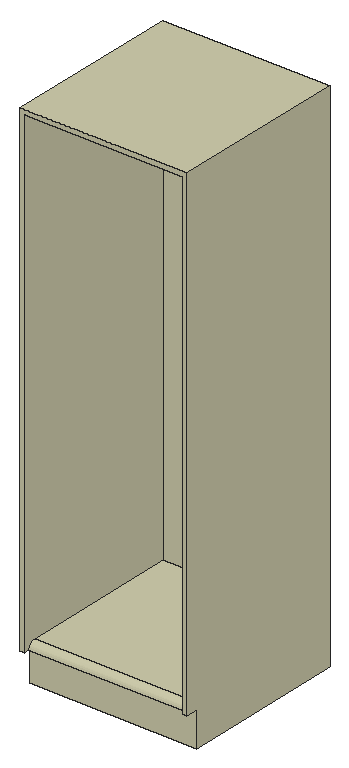
Revit family "Wenger Cabinet 08", category Furniture, Revit 2011
Parameters (values of type "Standard Cabinet #8")
  URL = "http://www.wengercorp.com/Home/Contact.html"
  Toekick Material [instance] = none
  RH End Panel [instance] = no
  Model = "08"
  Manufacturer = "Wenger Corporation"
  LH End Panel [instance] = no
  End Panel Material [instance] = none
  Edge Banding Material [instance] = none
  Door Material [instance] = none
  Description = "Standard Cabinet #8"
  Cabinet Width = 2' - 3 1/2"
  Cabinet Label = Labels : Standard
  Cabinet Height = 7' - 1 5/8"
  Cabinet Depth = 2' - 5 1/4"
  Cabinet Back Thickness = 0' - 0 3/4"
  Assembly Code = ""
Types (4): name | Model | Description | Cabinet Width | Cabinet Label | Cabinet Depth | Cabinet Back Thickness
  Standard Cabinet #8 | "08" | "Standard Cabinet #8" | 2' - 3 1/2" | Labels : Standard | 2' - 5 1/4" | 0' - 0 3/4"
  Acoustic Cabinet #8 | "08A" | "Acoustic Cabinet #8" | 2' - 3 1/2" | Labels : Acoustic | 2' - 7 3/4" | 0' - 3 1/4"
  Narrow Acoustic Cabinet #8 | "08NA" | "Narrow Acoustic Cabinet #8" | 1' - 9 1/2" | Labels : Narrow Acoustic | 2' - 7 3/4" | 0' - 3 1/4"
  Narrow Cabinet #8 | "08N" | "Narrow Cabinet #8" | 1' - 9 1/2" | Labels : Narrow | 2' - 5 1/4" | 0' - 0 3/4"
Reference planes (in)
  plane 1 "Front": y = 0
  plane 2: z = 0
  plane 3 "Left": x = 0
  plane 4 "Right": x = 27.5
  plane 5 "Back": y = 29.25
  plane 6 "Top": z = 85.625
  plane 7: z = 5.625
  plane 8: z = 21.475
  plane 9: z = 37.325
  plane 10: z = 53.175
  plane 11: z = 69.025
  plane 12: x = 0.75
  plane 13: x = 26.75
  plane 14: z = 84.875
  plane 15: y = 28.5
  plane 16: y = 2
  plane 17: y = 0.75
  plane 18: z = 22.6
  plane 19: z = 38.45
  plane 20: z = 54.3
  plane 21: z = 70.15
  plane 22: z = 6.75
Forms (in)
  Extrusion 1, solid, material "Wenger - Oyster"
    sketch origin (0, 0, 0) x (0, 1, 0) y (0, 0, 1)
      loop
        line (0, 85.625) -> (0, 5.625) -> (2, 5.625) -> (2, 0) -> (29.25, 0) -> (29.25, 85.625) -> (0, 85.625)
    from 0 to 27.5
  Extrusion 2, void
    sketch origin (0, 0, 0) x (0, 1, 0) y (0, 0, 1)
      loop
        line (-5.5, 84.875) -> (-5.5, 5.625) -> (0.75, 5.625)
        arc (0.75, 5.625) -> (1.18296, 6.40088) -> (2, 6.75) r 1.375
        line (2, 6.75) -> (28.5, 6.75) -> (28.5, 84.875) -> (-5.5, 84.875)
    from 0.75 to 26.75
Cuts and joins
  Extrusion 2 cuts Extrusion 1
Lines and regions (in)
  symbolic lines
    curve 1: line (0, 29.25, 0) -> (27.5, 29.25, 0)
    curve 2: line (0, 0, 0) -> (0, 29.25, 0)
    curve 3: line (27.5, 0, 0) -> (0, 0, 0)
    curve 4: line (27.5, 29.25, 0) -> (27.5, 0, 0)
Dimensions and locks (in)
  locked: plane 3 "Left" to plane 12 at 0.75
  locked: plane 13 to plane 4 "Right" at 0.75
  "Cabinet Back Thickness": plane 5 "Back" to plane 15
  locked: plane 1 "Front" to plane 17 at 0.75
  locked: plane 1 "Front" to plane 16 at 2
  locked: plane 18 to plane 8 at 1.125
  locked: plane 19 to plane 9 at 1.125
  locked: plane 20 to plane 10 at 1.125
  locked: plane 21 to plane 11 at 1.125
  locked: plane 6 "Top" to plane 14 at 0.75
  equal spacing: plane 14, plane 11, plane 10, plane 9, plane 8, plane 7
  locked: plane 22 to plane 7 at 1.125
  plane 13 to plane 3 "Left" = 2' - 2 3/4"
  "Cabinet Width": plane 3 "Left" to plane 4 "Right"
  locked: plane 7 to level at 5.625
  "Cabinet Height": plane 6 "Top" to level
  "Cabinet Depth": plane 1 "Front" to plane 5 "Back"
  plane 12 to plane 13 = 2' - 2"
  plane 14 to plane 7 = 6' - 7 1/4"
  aligned and locked: Extrusion 1 sketch curve to plane 6 "Top"
  aligned and locked: Extrusion 1 sketch curve to plane 5 "Back"
  aligned and locked: Extrusion 1 sketch curve to plane 1 "Front"
  aligned and locked: Extrusion 1 sketch curve to plane 7
  aligned and locked: Extrusion 1 sketch curve to plane 16
  aligned and locked: Extrusion 1 sketch curve to level
  aligned and locked: Extrusion 1 to plane 4 "Right"
  aligned and locked: Extrusion 1 to plane 3 "Left"
  aligned and locked: Extrusion 2 sketch curve to plane 14
  aligned and locked: Extrusion 2 sketch curve to plane 22
  aligned and locked: Extrusion 2 to plane 12
  aligned and locked: plane 3 "Left" to curve 2
  aligned and locked: curve 1 to plane 5 "Back"
  aligned and locked: plane 4 "Right" to curve 4
  aligned and locked: curve 3 to plane 1 "Front"
  aligned and locked: Extrusion 2 to plane 13
Automatic sketch dimensions
  Extrusion 2 sketch curve to plane 7 = 0' - 0"
  Extrusion 2 sketch curve to plane 17 = 0' - 0"
  Extrusion 2 sketch curve to plane 16 = 0' - 0"
  Extrusion 2 sketch curve to plane 15 = 0' - 0"
  plane 1 "Front" to Extrusion 2 sketch curve = 0' - 5 1/2"
  Extrusion 2 sketch curve to plane 16 = 0' - 0.10279"
Nested families (in)
  nested 1: "LH End Panel" at (0, 14.25, 0) x (0, -1, 0) z (0, 0, 1), End Panel Material <- "End Panel Material", visible <- "LH End Panel", Edge Banding Material <- "Edge Banding Material", type "20x84 LH"
    with End Panel Material none, Edge Banding Material none, End Panel Depth 2' - 5 1/4"
  nested 2: "RH End Panel" at (28.25, 14.25, 0) x (0, -1, 0) z (0, 0, 1), End Panel Material <- "End Panel Material", visible <- "RH End Panel", Edge Banding Material <- "Edge Banding Material", type "20x84 RH"
    with End Panel Material none, Edge Banding Material none, End Panel Depth 2' - 5 1/4"
  nested 3: "Labels" at (11.09076, 8.92089, 0), type <- "Cabinet Label", type "Standard"
  nested 4: "Front Note" at (11.21215, 0.75, 0), type "Front Note", detail levels medium+fine
Definition of nested family "LH End Panel"
  Parameters (values of type "20x84 LH")
    End Panel Material [instance] = none
    End Panel Height = 7' - 1 5/8"
    End Panel Depth = 1' - 7 1/4"
    Edge Banding Material [instance] = none
    Default Elevation = 4' - 0"
    Assembly Code = ""
  Reference planes (in)
    plane 1 "Center (Front/Back)": y = 0
    plane 2: z = 0
    plane 3 "Center (Left/Right)": x = 0
    plane 4: x = -15
    plane 5: x = 4.25
    plane 6: z = 5.625
    plane 7: x = 2.25
    plane 8: z = 85.625
    plane 9: y = -0.75
  Forms (in)
    Extrusion 1, solid, material <- "End Panel Material"
      sketch origin (0, 0, 0) x (1, 0, 0) y (0, 0, 1)
        loop
          line (-15, 85.625) -> (-15, 0) -> (2.25, 0) -> (2.25, 5.625) -> (4.25, 5.625) -> (4.25, 85.625) -> (-15, 85.625)
      from 0 to 0.75
  Dimensions and locks (in)
    locked: plane 7 to plane 5 at 2
    locked: plane 6 to level at 5.625
    "End Panel Height": plane 8 to level
    "End Panel Depth": plane 5 to plane 4
    locked: plane 9 to plane 1 "Center (Front/Back)" at 0.75
    aligned and locked: plane 4 to Extrusion 1 sketch curve
    aligned and locked: level to Extrusion 1 sketch curve
    aligned and locked: plane 7 to Extrusion 1 sketch curve
    aligned and locked: plane 6 to Extrusion 1 sketch curve
    aligned and locked: Extrusion 1 sketch curve to plane 5
    aligned and locked: Extrusion 1 sketch curve to plane 8
    aligned and locked: Extrusion 1 to plane 9
    aligned and locked: Extrusion 1 to plane 1 "Center (Front/Back)"
Definition of nested family "RH End Panel"
  Parameters (values of type "20x84 RH")
    End Panel Material [instance] = none
    End Panel Height = 7' - 1 5/8"
    End Panel Depth = 1' - 7 1/4"
    Edge Banding Material [instance] = none
    Default Elevation = 4' - 0"
    Assembly Code = ""
  Reference planes (in)
    plane 1 "Center (Front/Back)": y = 0
    plane 2: z = 0
    plane 3 "Center (Left/Right)": x = 0
    plane 4: x = -15
    plane 5: x = 4.25
    plane 6: z = 5.625
    plane 7: x = 2.25
    plane 8: z = 85.625
    plane 9: y = -0.75
  Forms (in)
    Extrusion 1, solid, material <- "End Panel Material"
      sketch origin (0, 0, 0) x (1, 0, 0) y (0, 0, 1)
        loop
          line (-15, 85.625) -> (-15, 0) -> (2.25, 0) -> (2.25, 5.625) -> (4.25, 5.625) -> (4.25, 85.625) -> (-15, 85.625)
      from 0 to 0.75
  Dimensions and locks (in)
    locked: plane 7 to plane 5 at 2
    locked: plane 6 to level at 5.625
    "End Panel Height": plane 8 to level
    "End Panel Depth": plane 5 to plane 4
    locked: plane 9 to plane 1 "Center (Front/Back)" at 0.75
    aligned and locked: plane 4 to Extrusion 1 sketch curve
    aligned and locked: level to Extrusion 1 sketch curve
    aligned and locked: plane 7 to Extrusion 1 sketch curve
    aligned and locked: plane 6 to Extrusion 1 sketch curve
    aligned and locked: Extrusion 1 sketch curve to plane 5
    aligned and locked: Extrusion 1 sketch curve to plane 8
    aligned and locked: Extrusion 1 to plane 9
    aligned and locked: Extrusion 1 to plane 1 "Center (Front/Back)"
Definition of nested family "Labels"
  Parameters (values of type "Standard")
    Cabinet Label = "01"
  Types (4): name | Cabinet Label
    Standard | "01"
    Narrow | "01N"
    Narrow Acoustic | "01NA"
    Acoustic | "01A"
  Reference planes (in)
    plane 1: y = 0
    plane 2: x = 0
  Text (in)
    label "xxxx" at (-0.00018, 0.00754, 0), shows "Cabinet Label"
Definition of nested family "Front Note"
  Parameters (values of type "Front Note")
    Cabinet Label = "Front"
  Reference planes (in)
    plane 1: y = 0
    plane 2: x = 0
  Text (in)
    label "Front" at (-0.00018, 0.00754, 0), shows "Cabinet Label"
